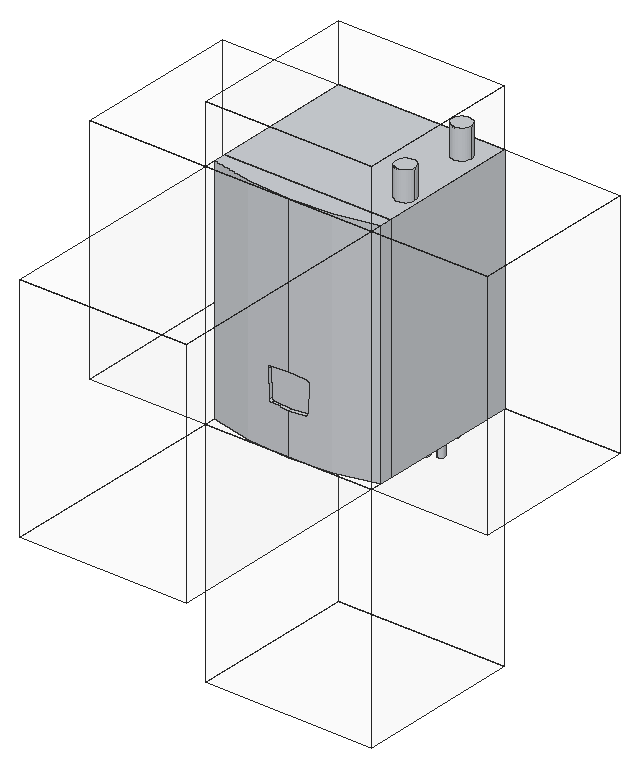
Revit family "Epic Boiler EPB080N-150N", category Mechanical Equipment, Revit 2016
Family settings
  Part Type = Normal
  Round Connector Dimension = Use Diameter
  Work Plane-Based = No
  Always vertical = Yes
  Cut with Voids When Loaded = No
  Shared = No
  Room Calculation Point = No
Parameters (values of type "EPB080N")
  Voltage/Heater = "120"
  Voltage/Control = ""
  VENT SIZE = 2"
  URL = "http://www.lochinvar.com/products/default.aspx?type=productline&lineid=240"
  Total Amps = ""
  Top Clearance = 6"
  SES BIM Studio # = "18 0649 05"
  Right Clearance = 12"
  P Condensate Offset from Right = 2 1/2"
  OUTPUT RATE (BTUH) = "74,000"
  O Boiler Water Offset from Right = 1 1/2"
  Model = MODEL NO.  # "EPB080N"
  Manufacturer = "Lochinvar"
  MODEL NO. = "EPB080N"
  N Boiler Water In Offset from Back = 8 1/2"
  M Boiler Water Out Offset from Back = 4 5/8"
  Left Clearance = 12"
  L Condensate Offset from Back = 5 1/8"
  K Gas Offset from Back = 12 5/8"
  J Gas Offset from Left = 6 3/8"
  INPUT RATE (BTUH) = "80,000"
  I Combustion Air Offset from Right = 1 1/2"
  GAS CONN = 1/2"
  GALLON CAPACITY = ""
  G Combustion Air Offset from Back = 11"
  Fuel Type = "Natural or LP"
  Front Clearance Depth = 24"
  Front Clearance = 24"
  FUEL TYPE = "NATURAL GAS"
  Electrical Offset from Right = 3"
  Electrical Offset from Back = 12 1/4"
  E Vent Offset from Back = 2 3/4"
  Description = "Epic Fire Tube Boiler"
  D Vent Offset from Right = 2 1/4"
  Condensate Diameter = 3/4"
  Clearance Display = yes
  C_UNIT DEPTH = 17 1/4"
  Bottom Clearance = 24"
  B_UNIT WIDTH = 17 1/4"
  BOILER WATER CONN = 1"
  A_UNIT HEIGHT = 24"
  AIR INLET = 2"
  # of Electrical Connections = "1"
Types (4): name | VENT SIZE | P Condensate Offset from Right | OUTPUT RATE (BTUH) | O Boiler Water Offset from Right | Model | MODEL NO. | N Boiler Water In Offset from Back | M Boiler Water Out Offset from Back | L Condensate Offset from Back | K Gas Offset from Back | J Gas Offset from Left | INPUT RATE (BTUH) | I Combustion Air Offset from Right | G Combustion Air Offset from Back | Electrical Offset from Back | E Vent Offset from Back | D Vent Offset from Right | C_UNIT DEPTH | AIR INLET
  (no name) | 2" | 2 1/2" | "74,000" | 1 1/2" | "EPB080N" | "EPB080N" | 8 1/2" | 4 5/8" | 5 1/8" | 12 5/8" | 6 3/8" | "80,000" | 1 1/2" | 11" | 12 1/4" | 2 3/4" | 2 1/4" | 17 1/4" | 2"
  EPB080N | 2" | 2 1/2" | "74,000" | 1 1/2" | "EPB080N" | "EPB080N" | 8 1/2" | 4 5/8" | 5 1/8" | 12 5/8" | 6 3/8" | "80,000" | 1 1/2" | 11" | 12 1/4" | 2 3/4" | 2 1/4" | 17 1/4" | 2"
  EPB110N | 3" | 3" | "102,000" | 2" | "EPB110N" | "EPB110N" | 9" | 5 1/2" | 2 7/8" | 13 1/8" | 7 3/4" | "110,000" | 2 7/8" | 11 3/4" | 13" | 2 7/8" | 2 3/4" | 18" | 3"
  EPB150N | 3" | 4 5/8" | "139,000" | 1 7/8" | "EPB150N" | "EPB150N" | 9 1/8" | 5 3/8" | 3" | 13 1/8" | 2 7/8" | "150,000" | 4 1/2" | 11 3/4" | 13" | 2 3/4" | 4 1/2" | 18" | 3"
Reference planes (in)
  plane 1 "Center (Front/Back)": y = 0
  plane 2: z = 0
  plane 3 "Center (Left/Right)": x = 0
  plane 4 "Unit Right": x = 8.625
  plane 5 "Unit Left": x = -8.625
  plane 6: y = -16
  plane 7: y = -14.75
  plane 8 "Unit Front": y = -17.25
  plane 9 "Unit Top": z = 24
  plane 10: y = -5.125
  plane 11: y = -2.75
  plane 12: y = -11
  plane 13: y = -8.5
  plane 14: y = -12.625
  plane 15: y = -12.25
  plane 16: x = 6.125
  plane 17: x = 6.375
  plane 18: x = -2.25
  plane 19: x = 5.625
  plane 20: x = 7.125
  plane 21: x = 7.125
  plane 22 "Top Clearance": z = 30
  plane 23 "Bottom Clearance": z = -24
  plane 24 "Front Clearance": y = -41.25
  plane 25 "Left Clearance": x = -20.625
  plane 26 "Right Clearance": x = 20.625
  plane 27: y = -4.625
Forms (in)
  Extrusion 1, solid
    sketch origin (0, 0, 0) x (1, 0, 0) y (0, 1, 0)
      loop
        line (-8.625, 0) -> (-8.625, -14.75) -> (8.625, -14.75) -> (8.625, 0) -> (-8.625, 0)
    from 0 to 24
  Extrusion 2, solid
    sketch origin (0, 0, 0) x (1, 0, 0) y (0, 1, 0)
      loop
        line (-8.625, -14.75) -> (-8.625, -16)
        arc (-8.625, -16) -> (-4.35755, -16.93586) -> (0, -17.25) r 30.38281
        arc (0, -17.25) -> (4.35755, -16.93586) -> (8.625, -16) r 30.38281
        line (8.625, -16) -> (8.625, -14.75) -> (-8.625, -14.75)
    from 0 to 24
  Extrusion 3, void
    sketch origin (0, -17.25, -3.75) x (-1, 0, 0) y (0, 0, 1)
      loop
        line (0, 11.6875) -> (-1.89423, 11.55504)
        arc (-1.89423, 11.55504) -> (-2.06258, 11.47293) -> (-2.12664, 11.29693) r 0.25
        line (-2.12664, 11.29693) -> (-2.02857, 8.48853)
        arc (-2.02857, 8.48853) -> (-1.95912, 8.32418) -> (-1.79778, 8.24798) r 0.25
        line (-1.79778, 8.24798) -> (0, 8.11049) -> (1.79778, 8.24798)
        arc (1.79778, 8.24798) -> (1.95912, 8.32418) -> (2.02857, 8.48853) r 0.25
        line (2.02857, 8.48853) -> (2.12664, 11.29693)
        arc (2.12664, 11.29693) -> (2.06258, 11.47293) -> (1.89423, 11.55504) r 0.25
        line (1.89423, 11.55504) -> (0, 11.6875)
    from 0 to 0.375
  Extrusion 4, solid
    sketch origin (0, 0, 24) x (1, 0, 0) y (0, 1, 0)
      loop
        circle (6.375, -2.75) r 1
      loop
        circle (7.125, -11) r 1
    from 0 to 3
  Extrusion 5, solid
    sketch origin (0, 0, 0) x (0, 1, 0) y (1, 0, 0)
      loop
        circle (-4.625, 7.125) r 0.5
      loop
        circle (-8.5, 7.125) r 0.5
    from 0 to 1
  Extrusion 6, solid
    sketch origin (-0.28051, 1.49603, 0) x (0, 1, 0) y (1, 0, 0)
      loop
        circle (-6.62103, 6.40551) r 0.375
    from 0 to 3
  Extrusion 7, solid
    sketch origin (0, 0, 0) x (0, 1, 0) y (1, 0, 0)
      loop
        circle (-12.625, -2.25) r 0.25
    from 0 to 1
  Extrusion 8, solid
    sketch origin (0, 0, 0) x (0, 1, 0) y (1, 0, 0)
      loop
        circle (-12.25, 5.625) r 0.25
    from 0 to 0.25
  Extrusion 9, solid, material "Clearance", visible <- "Clearance Display"
    sketch origin (0, 0, 24) x (0, -1, 0) y (1, 0, 0)
      loop
        line (0, -8.625) -> (17.25, -8.625) -> (17.25, 8.625) -> (0, 8.625) -> (0, -8.625)
    from 0 to 6
  Extrusion 10, solid, material "Clearance", visible <- "Clearance Display"
    sketch origin (0, 0, 0) x (1, 0, 0) y (0, 1, 0)
      loop
        line (-8.625, -17.25) -> (-8.625, -41.25) -> (8.625, -41.25) -> (8.625, -17.25) -> (-8.625, -17.25)
    from 0 to 24
  Extrusion 11, solid, material "Clearance", visible <- "Clearance Display"
    sketch origin (0, 0, 0) x (1, 0, 0) y (0, 1, 0)
      loop
        line (-20.625, 0) -> (-20.625, -17.25) -> (-8.625, -17.25) -> (-8.625, 0) -> (-20.625, 0)
    from 0 to 24
  Extrusion 12, solid, material "Clearance", visible <- "Clearance Display"
    sketch origin (0, 0, 0) x (1, 0, 0) y (0, 1, 0)
      loop
        line (8.625, 0) -> (8.625, -17.25) -> (20.625, -17.25) -> (20.625, 0) -> (8.625, 0)
    from 0 to 24
  Extrusion 13, solid, material "Clearance", visible <- "Clearance Display"
    sketch origin (0, 0, 0) x (0, 1, 0) y (1, 0, 0)
      loop
        line (0, -8.625) -> (0, 8.625) -> (-17.25, 8.625) -> (-17.25, -8.625) -> (0, -8.625)
    from 0 to 24
Cuts and joins
  Extrusion 3 cuts Extrusion 1
  Extrusion 3 cuts Extrusion 2
Dimensions and locks (in)
  equal spacing: plane 5 "Unit Left", plane 3 "Center (Left/Right)", plane 4 "Unit Right"
  "B_UNIT WIDTH": plane 5 "Unit Left" to plane 4 "Unit Right"
  "A_UNIT HEIGHT": plane 9 "Unit Top" to plane 2
  locked: plane 6 to plane 8 "Unit Front" at 1.25
  locked: plane 7 to plane 6 at 1.25
  "P Condensate Offset from Right": plane 16 to plane 4 "Unit Right"
  "D Vent Offset from Right": plane 17 to plane 4 "Unit Right"
  "I Combustion Air Offset from Right": plane 21 to plane 4 "Unit Right"
  "K Gas Offset from Back": plane 1 "Center (Front/Back)" to plane 14
  "Electrical Offset from Back": plane 1 "Center (Front/Back)" to plane 15
  "N Boiler Water In Offset from Back": plane 1 "Center (Front/Back)" to plane 13
  "E Vent Offset from Back": plane 11 to plane 1 "Center (Front/Back)"
  "G Combustion Air Offset from Back": plane 1 "Center (Front/Back)" to plane 12
  "L Condensate Offset from Back": plane 1 "Center (Front/Back)" to plane 10
  "J Gas Offset from Left": plane 5 "Unit Left" to plane 18
  "O Boiler Water Offset from Right": plane 20 to plane 4 "Unit Right"
  "Electrical Offset from Right": plane 19 to plane 4 "Unit Right"
  "Left Clearance": plane 25 "Left Clearance" to plane 5 "Unit Left"
  "Right Clearance": plane 4 "Unit Right" to plane 26 "Right Clearance"
  "Front Clearance": plane 8 "Unit Front" to plane 24 "Front Clearance"
  "Top Clearance": plane 22 "Top Clearance" to plane 9 "Unit Top"
  "Bottom Clearance": plane 2 to plane 23 "Bottom Clearance"
  "C_UNIT DEPTH": plane 8 "Unit Front" to plane 1 "Center (Front/Back)"
  "M Boiler Water Out Offset from Back": plane 27 to plane 1 "Center (Front/Back)"
  "VENT SIZE": diameter of Extrusion 4 sketch curve
  "AIR INLET": diameter of Extrusion 4 sketch curve
  "GAS CONN": diameter of Extrusion 7 sketch curve
  "Condensate Diameter": diameter of Extrusion 6 sketch curve
  "BOILER WATER CONN": diameter of Extrusion 5 sketch curve  (x2)
  aligned and locked: plane 2 to level
  aligned and locked: Extrusion 1 to plane 7
  aligned and locked: plane 5 "Unit Left" to Extrusion 1
  aligned and locked: Extrusion 1 to plane 1 "Center (Front/Back)"
  aligned and locked: Extrusion 1 to plane 4 "Unit Right"
  aligned and locked: Extrusion 1 to plane 9 "Unit Top"
  aligned and locked: Extrusion 2 sketch curve to plane 7
  aligned and locked: plane 5 "Unit Left" to Extrusion 2 sketch curve
  aligned and locked: plane 4 "Unit Right" to Extrusion 2 sketch curve
  aligned and locked: plane 8 "Unit Front" to Extrusion 2 sketch curve
  aligned and locked: Extrusion 2 to Extrusion 1
  aligned and locked: plane 11 to Extrusion 4 sketch curve
  aligned and locked: plane 17 to Extrusion 4 sketch curve
  aligned and locked: plane 12 to Extrusion 4 sketch curve
  aligned and locked: plane 21 to Extrusion 4 sketch curve
  aligned and locked: plane 10 to Extrusion 6 sketch curve
  aligned and locked: plane 16 to Extrusion 6 sketch curve
  aligned and locked: plane 18 to Extrusion 7 sketch curve
  aligned and locked: plane 14 to Extrusion 7 sketch curve
  aligned and locked: plane 15 to Extrusion 8 sketch curve
  aligned and locked: plane 19 to Extrusion 8 sketch curve
  aligned and locked: plane 13 to Extrusion 5 sketch curve
  aligned and locked: plane 20 to Extrusion 5 sketch curve  (x2)
  aligned and locked: Extrusion 9 sketch curve to cut or joined group of Extrusion 1, Extrusion 3  (x2)
  aligned and locked: Extrusion 9 sketch curve to plane 8 "Unit Front"
  aligned and locked: Extrusion 9 sketch curve to plane 4 "Unit Right"
  aligned and locked: Extrusion 9 to plane 22 "Top Clearance"
  aligned and locked: Extrusion 10 sketch curve to Extrusion 9  (x2)
  aligned and locked: plane 24 "Front Clearance" to Extrusion 10 sketch curve
  aligned and locked: plane 4 "Unit Right" to Extrusion 10 sketch curve
  aligned and locked: Extrusion 10 to plane 9 "Unit Top"
  aligned and locked: plane 1 "Center (Front/Back)" to Extrusion 11 sketch curve
  aligned and locked: Extrusion 11 sketch curve to plane 25 "Left Clearance"
  aligned and locked: Extrusion 11 sketch curve to Extrusion 9
  aligned and locked: Extrusion 11 sketch curve to Extrusion 10
  aligned and locked: Extrusion 12 sketch curve to cut or joined group of Extrusion 1, Extrusion 3
  aligned and locked: Extrusion 12 sketch curve to Extrusion 9
  aligned and locked: plane 8 "Unit Front" to Extrusion 12 sketch curve
  aligned and locked: plane 26 "Right Clearance" to Extrusion 12 sketch curve
  aligned and locked: Extrusion 11 to plane 9 "Unit Top"
  aligned and locked: Extrusion 12 to plane 9 "Unit Top"
  aligned and locked: Extrusion 13 sketch curve to cut or joined group of Extrusion 1, Extrusion 3
  aligned and locked: Extrusion 13 sketch curve to Extrusion 9  (x2)
  aligned and locked: Extrusion 13 sketch curve to Extrusion 10
  aligned and locked: plane 23 "Bottom Clearance" to Extrusion 13
  aligned and locked: plane 27 to Extrusion 5 sketch curve
Automatic sketch dimensions
  Extrusion 1 sketch curve to plane 5 "Unit Left" = 0"
  Extrusion 1 sketch curve to plane 4 "Unit Right" = 0"
  Extrusion 1 sketch curve to plane 7 = 0"
  plane 1 "Center (Front/Back)" to Extrusion 1 sketch curve = 0"
  Extrusion 2 sketch curve to plane 3 "Center (Left/Right)" = 0"
  Extrusion 2 sketch curve to plane 6 = 0"  (x2)
  Extrusion 2 sketch curve to plane 3 "Center (Left/Right)" = 0.00023"
  plane 3 "Center (Left/Right)" to Extrusion 2 sketch curve = 0.00023"
  Extrusion 3 sketch curve to plane 3 "Center (Left/Right)" = 0"  (x2)
  plane 3 "Center (Left/Right)" to Extrusion 3 sketch curve = 1.77872"
  Extrusion 3 sketch curve to Extrusion 3 sketch curve = 0.01906"  (x2)
  plane 3 "Center (Left/Right)" to Extrusion 3 sketch curve = 1.87679"
  Extrusion 3 sketch curve to Extrusion 3 sketch curve = 0.01744"  (x2)
  Extrusion 3 sketch curve to Extrusion 3 sketch curve = 0.24985"  (x3)
  Extrusion 3 sketch curve to plane 3 "Center (Left/Right)" = 1.77872"
  Extrusion 3 sketch curve to plane 3 "Center (Left/Right)" = 1.87679"
  level to Extrusion 3 sketch curve = 4.36049"
  Extrusion 3 sketch curve to Extrusion 3 sketch curve = 0.13749"  (x2)
  Extrusion 3 sketch curve to Extrusion 3 sketch curve = 0.24055"  (x2)
  Extrusion 3 sketch curve to Extrusion 3 sketch curve = 0.00872"  (x3)
  Extrusion 3 sketch curve to Extrusion 3 sketch curve = 2.80839"  (x2)
  Extrusion 3 sketch curve to Extrusion 3 sketch curve = 0.13246"
  radius of Extrusion 8 sketch curve = 1/4"
Connectors (in)
  hvac at (7.125, -11, 27), driven by "AIR INLET"
    settings: on Extrusion 4, index 1, duct flow 0 CFM, flow factor 0, pres drop 0.00 in-wg, loss coef 0, conn angle 0.00°, conn width 12", conn height 12", conn diameter 2", duct sys type 1, conn prof type 0, flow config 0, flow direction 1, loss method 0, conn ref index -1, conn util no, is conn primary yes, conn desc "Air Inlet Connection"
  hvac at (6.375, -2.75, 27), driven by "VENT SIZE"
    settings: on Extrusion 4, index 2, duct flow 0 CFM, flow factor 0, pres drop 0.00 in-wg, loss coef 0, conn angle 0.00°, conn width 12", conn height 12", conn diameter 2", duct sys type 3, conn prof type 0, flow config 0, flow direction 2, loss method 0, conn ref index -1, conn util no, is conn primary no, conn desc "Vent Connection"
  piping at (6.125, -5.125, -3), diameter 0.75, driven by "Condensate Diameter"
    settings: on Extrusion 6, index 3, connector inside diameter 24", connector length 0", flow factor 0, pipe flow 0 GPM, pressure drop 0.00 psi, fitting loss kfactor 0, connector angle 0.00°, fixture units 0, engagement length 0", angle of deflection 0.00°, flow configuration 0, flow direction 2, fitting loss method 0, system type 16, joint type 0, gender type 0, connector reference index -1, connector utility 0, adjustable connector no, is connector primary yes, connector description "Condensate Connection"
  piping at (7.125, -4.625, -1), diameter 1, driven by "BOILER WATER CONN"
    settings: on Extrusion 5, index 4, connector inside diameter 24", connector length 0", flow factor 0, pipe flow 0 GPM, pressure drop 0.00 psi, fitting loss kfactor 0, connector angle 0.00°, fixture units 0, engagement length 0", angle of deflection 0.00°, flow configuration 0, flow direction 2, fitting loss method 0, system type 7, joint type 0, gender type 0, connector reference index -1, connector utility 0, adjustable connector no, is connector primary no, connector description "Boiler Water Outlet"
  piping at (7.125, -8.5, -1), diameter 1, driven by "BOILER WATER CONN"
    settings: on Extrusion 5, index 7, connector inside diameter 24", connector length 0", flow factor 0, pipe flow 0 GPM, pressure drop 0.00 psi, fitting loss kfactor 0, connector angle 0.00°, fixture units 0, engagement length 0", angle of deflection 0.00°, flow configuration 0, flow direction 1, fitting loss method 0, system type 8, joint type 0, gender type 0, connector reference index -1, connector utility 0, adjustable connector no, is connector primary no, connector description "Bolier Water Inlet"
  piping at (-2.25, -12.625, -1), diameter 0.5, driven by "GAS CONN"
    settings: on Extrusion 7, index 8, connector inside diameter 24", connector length 0", flow factor 0, pipe flow 0 GPM, pressure drop 0.00 psi, fitting loss kfactor 0, connector angle 0.00°, fixture units 0, engagement length 0", angle of deflection 0.00°, flow configuration 0, flow direction 1, fitting loss method 0, system type 22, joint type 0, gender type 0, connector reference index -1, connector utility 0, adjustable connector no, is connector primary no, connector description "Gas Connection"
  electrical at (5.625, -12.25, -0.25)
    settings: on Extrusion 8, index 9, voltage 0 V, apparent load 0 VA, apparent load phase1 0 VA, apparent load phase2 0 VA, apparent load phase3 0 VA, power factor 1, load classification "Other", number of poles 1, system type 31, power factor state 1, is connector primary yes, connector utility no, sub classification motor no, connector description "Power Connection"
